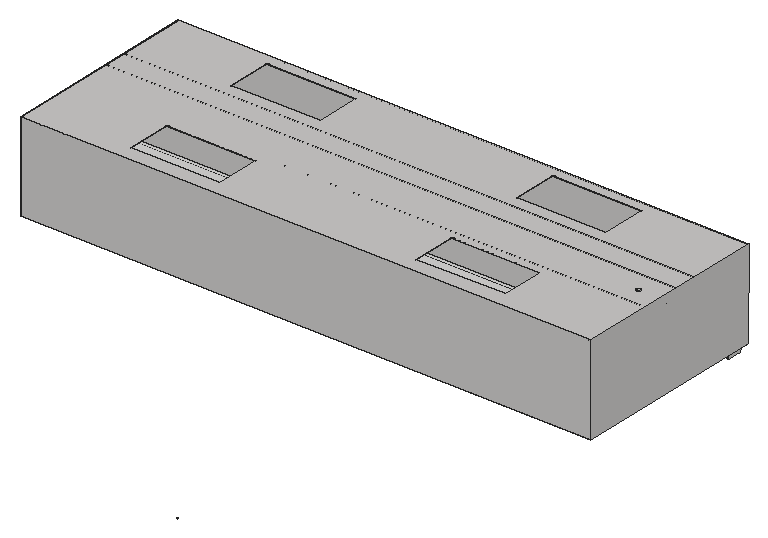
Revit family "QF_ELECTROLUXPROFESSIONAL_641254_STPF1132", category Specialty Equipment, Revit 2014
Reference planes
  plane 1: z = 0
  plane 2 "Center (Left/Right)": x = 150
  plane 3 "LEFT": x = -1450
  plane 4 "RIGHT": x = 1750
  plane 5 "BACK": y = 550
  plane 6 "TOP": z = 2500
  plane 7 "Base": z = 2000
  plane 8: z = 1955
  plane 9 "DrainY": y = 490
  plane 10: x = -1447
  plane 11 "DrainX": x = 1630
  plane 12 "AOLeft2": x = -400
  plane 13 "AORight1": x = 700
  plane 14: x = 1747
  plane 15: x = -1250
  plane 16: x = 1550
  plane 17 "Center (Front/Back)": y = -100
  plane 18 "Front": y = -550
  plane 19 "AOLeft1": x = -900
  plane 20 "AORight2": x = 1200
  plane 21: y = -464
  plane 22: y = -214
  plane 23: y = 240
  plane 24: y = 490
  plane 25 "EI_y": y = -70
  plane 26 "EIx": x = 1630
Forms (mm)
  Extrusion 1, solid, material "QF_Finishes_Stainless Steel"
    sketch origin (-1450, 0, 360) x (0, 1, 0) y (0, 0, 1)
      loop
        line (550, 1640) -> (550, 2140) -> (-550, 2140) -> (-550, 1640) -> (550, 1640)
    from 0 to 3
  Extrusion 2, solid, material "QF_Finishes_Stainless Steel"
    sketch origin (1750, 0, 360) x (0, 1, 0) y (0, 0, 1)
      loop
        line (550, 1640) -> (550, 2140) -> (-550, 2140) -> (-550, 1640) -> (550, 1640)
    from 0 to -3
  Extrusion 3, solid, material "QF_Finishes_Stainless Steel"
    sketch origin (150, 0, 360) x (0, 1, 0) y (0, 0, 1)
      loop
        line (-550, 2140) -> (-550, 1640) -> (-540, 1640) -> (-540, 1640.8) -> (-549.2, 1640.8) -> (-549.2, 2139.19) -> (549.2, 2139.19) -> (549.2, 1640.8) -> (540, 1640.8) -> (540, 1640) -> (550, 1640) -> (550, 2140) -> (-550, 2140)
    from -1600 to 1600
  Extrusion 4, solid, material "QF_Finishes_Stainless Steel"
    sketch origin (0, 0, 2000) x (0, 1, 0) y (-1, 0, 0)
      loop
        circle (490, -1630) r 4.763
    from -30 to 0
  Extrusion 5, void
    sketch origin (0, 0, 2500) x (0, 1, 0) y (-1, 0, 0)
      loop
        line (-214, 400) -> (-214, 900) -> (-464, 900) -> (-464, 400) -> (-214, 400)
    from 0 to -10
  Extrusion 6, solid, material "QF_Finishes_Stainless Steel"
    sketch origin (0, 0, 0) x (1, 0, 0) y (0, 1, 0)
      loop
        line (-1450, 550) -> (-1450, 549) -> (-1449, 549) -> (-1449, 550) -> (-1450, 550)
    from 0 to 1
  Extrusion 7, solid, material "QF_LAMPS"
    sketch origin (150, 0, 360) x (0, 1, 0) y (0, 0, 1)
      loop
        line (-172.823, 1962.324) -> (-18.948, 2086.929) -> (-27.129, 2097.032) -> (-181.003, 1972.426) -> (-172.823, 1962.324)
    from 1597 to -1597
  Sweep 8, solid, material "QF_Finishes_Stainless Steel"
    path origin (0, 0, 0) x (1, 0, 0) y (0, 1, 0)
      loop
        line (1750, 550) -> (-1450, 550) -> (-1450, -550) -> (1750, -550) -> (1750, 550)
    profile origin (1750, 0, 0) x (1, 0, 0) y (0, 0, 1)
      loop
        line (-3, 2000) -> (-3, 2000.8) -> (-19, 2000.8) -> (-19, 2010) -> (-20, 2010) -> (-20, 2000) -> (-3, 2000)
  Extrusion 9, solid, material "QF_Finishes_Stainless Steel"
    sketch origin (150, 0, 0) x (0, 1, 0) y (0, 0, 1)
      loop
        line (414.66, 2095.469) -> (440.643, 2110.471) -> (261.744, 2411.771) -> (235.948, 2396.455) -> (414.66, 2095.469)
    from -1597 to -1400
  Extrusion 10, void
    sketch origin (1134.605, 0, 2500) x (0, 1, 0) y (-1, 0, 0)
      loop
        line (-214, -65.395) -> (-214, 434.605) -> (-464, 434.605) -> (-464, -65.395) -> (-214, -65.395)
    from 0 to -10
  Extrusion 11, solid, material "QF_Finishes_Stainless Steel"
    sketch origin (1630, 0, 0) x (0, 1, 0) y (0, 0, 1)
      loop
        line (539, 2000) -> (441, 2000) -> (441, 1989) -> (448.5, 1989) -> (448.5, 1965)
        arc (448.5, 1965) -> (451.429, 1957.929) -> (458.5, 1955) r 10
        line (458.5, 1955) -> (521.5, 1955)
        arc (521.5, 1955) -> (528.571, 1957.929) -> (531.5, 1965) r 10
        line (531.5, 1965) -> (531.5, 1989) -> (539, 1989) -> (539, 2000)
    from 90 to -90
  Extrusion 12, solid, material "QF_Finishes_Stainless Steel"
    sketch origin (150, 0, 0) x (0, 1, 0) y (0, 0, 1)
      loop
        line (414.66, 2095.469) -> (440.643, 2110.471) -> (261.744, 2411.771) -> (235.948, 2396.455) -> (414.66, 2095.469)
    from 1400 to 1597
  Extrusion 13, solid, material "QF_Finished_Chrome"
    sketch origin (150, 0, 0) x (0, 1, 0) y (0, 0, 1)
      loop
        line (414.66, 2095.469) -> (440.643, 2110.471) -> (261.744, 2411.771) -> (235.948, 2396.455) -> (414.66, 2095.469)
    from -1400 to 1400
  Extrusion 14, void
    sketch origin (0, 1180, 2500) x (0, 1, 0) y (-1, 0, 0)
      loop
        line (-690, 400) -> (-690, 900) -> (-940, 900) -> (-940, 400) -> (-690, 400)
    from 0 to -10
  Extrusion 15, void
    sketch origin (1600, 1180, 2500) x (0, 1, 0) y (-1, 0, 0)
      loop
        line (-690, 400) -> (-690, 900) -> (-940, 900) -> (-940, 400) -> (-690, 400)
    from 0 to -10
  Extrusion 16, solid, material "QF_Finishes_Stainless Steel"
    sketch origin (0, 0, 2500) x (0, 1, 0) y (-1, 0, 0)
      loop
        circle (-70, -1630) r 10
    from 0 to 1.6
  Extrusion 17, solid, material "QF_Finishes_Stainless Steel"
    sketch origin (150, 0, 360) x (0, 1, 0) y (0, 0, 1)
      loop
        line (430.005, 1640) -> (540, 1640) -> (540, 1640.8) -> (430.467, 1640.8) -> (371.906, 1742.23) -> (414.858, 1734.657) -> (442.266, 1750.481) -> (442.266, 1765.943) -> (441.466, 1765.943) -> (441.466, 1750.943) -> (414.709, 1735.495) -> (321.153, 1751.991) -> (320.875, 1750.416) -> (371.4, 1741.507) -> (430.005, 1640)
      loop
        line (172.529, 2139.19) -> (242.893, 2017.316) -> (245.133, 2018.715) -> (240.13, 2027.381) -> (238.569, 2026.405) -> (173.453, 2139.19) -> (172.529, 2139.19)
    from -1597 to 1597
  Extrusion 18, solid, material "QF_Finishes_Stainless Steel"
    sketch origin (150, 200.8, 360) x (0, 1, 0) y (0, 0, 1)
      loop
        line (-750, 2139.19) -> (-750, 1640) -> (-686.602, 1640) -> (-599.146, 1690.493) -> (-610.058, 1709.394) -> (-666.564, 1676.77) -> (-714.704, 1680.982) -> (-749.2, 1730.248) -> (-749.2, 2139.19) -> (-750, 2139.19)
      loop
        line (-373.6, 1961.694) -> (-381.937, 1971.99) -> (-369.095, 1982.182) -> (-369.095, 2139.19) -> (-369.895, 2139.19) -> (-369.895, 1982.569) -> (-682.298, 1734.63) -> (-671.091, 1720.79) -> (-373.6, 1961.694)
      loop
        line (-227.61, 2099.216) -> (-218.171, 2087.559) -> (-154.411, 2139.19) -> (-155.682, 2139.19) -> (-218.052, 2088.684) -> (-226.989, 2099.719) -> (-227.61, 2099.216)
    from -1597 to 1597
  Extrusion 19, solid, material "QF_Finishes_Stainless Steel"
    sketch origin (0, 0, 2500) x (0, 1, 0) y (-1, 0, 0)
      loop
        circle (-70, -1630) r 10
    from 0 to 1.6
Cuts and joins
  Extrusion 5, Extrusion 10, Extrusion 14, Extrusion 15 cuts Extrusion 3
  joined: Extrusion 2, Extrusion 3, Sweep 8
Lines and regions (mm)
  symbolic lines, style "SpecialityEquipment", detail levels coarse
    curve 1: line (1750, 550, 2500) -> (-1450, 550, 2500)
    curve 2: line (-1450, 550, 2500) -> (-1450, -550, 2500)
    curve 3: line (1750, -550, 2500) -> (1750, 550, 2500)
    curve 4: line (-1450, 550, 0) -> (1750, -550, 0)
    curve 5: line (1750, 550, 0) -> (-1450, -550, 0)
    curve 6: line (-1450, -550, 0) -> (1750, -550, 0)
  symbolic lines, detail levels coarse
    curve 7: line (-900, 240, 2500) -> (-400, 240, 2500)
    curve 8: line (-900, 490, 2500) -> (-900, 240, 2500)
    curve 9: line (-400, 490, 2500) -> (-900, 490, 2500)
    curve 10: line (-400, 240, 2500) -> (-400, 490, 2500)
    curve 11: line (700, 490, 2500) -> (700, 240, 2500)
    curve 12: line (1200, 490, 2500) -> (700, 490, 2500)
    curve 13: line (700, 240, 2500) -> (1200, 240, 2500)
    curve 14: line (1200, 240, 2500) -> (1200, 490, 2500)
    curve 15: line (-900, -214, 2500) -> (-400, -214, 2500)
    curve 16: line (-900, -464, 2500) -> (-900, -214, 2500)
    curve 17: line (-400, -464, 2500) -> (-900, -464, 2500)
    curve 18: line (-400, -214, 2500) -> (-400, -464, 2500)
    curve 19: line (700, -214, 2500) -> (1200, -214, 2500)
    curve 20: line (700, -464, 2500) -> (700, -214, 2500)
    curve 21: line (1200, -464, 2500) -> (700, -464, 2500)
    curve 22: line (1200, -214, 2500) -> (1200, -464, 2500)
Dimensions and locks
  plane 3 "LEFT" to plane 4 "RIGHT" = 3200 mm
  equal spacing: plane 3 "LEFT", plane 2 "Center (Left/Right)", plane 4 "RIGHT"
  plane 7 "Base" to plane 8 = 45 mm
  plane 5 "BACK" to plane 9 "DrainY" = 60 mm  (x2)
  plane 3 "LEFT" to plane 10 = 3 mm
  plane 11 "DrainX" to plane 4 "RIGHT" = 120 mm
  plane 14 to plane 4 "RIGHT" = 3 mm
  plane 3 "LEFT" to plane 15 = 200 mm
  plane 16 to plane 4 "RIGHT" = 200 mm
  locked: plane 12 "AOLeft2" to plane 13 "AORight1" at 1100
  equal spacing: plane 12 "AOLeft2", plane 2 "Center (Left/Right)", plane 13 "AORight1"
  locked: plane 7 "Base" to level at 2000
  locked: plane 6 "TOP" to plane 7 "Base" at 500
  locked: plane 19 "AOLeft1" to plane 12 "AOLeft2" at 500
  locked: plane 13 "AORight1" to plane 20 "AORight2" at 500
  locked: plane 22 to plane 21 at 250
  locked: plane 21 to plane 18 "Front" at 86
  locked: plane 24 to plane 23 at 250
  locked: plane 5 "BACK" to plane 24 at 60
  locked: plane 25 "EI_y" to plane 18 "Front" at 480
  locked: plane 26 "EIx" to plane 4 "RIGHT" at 120
  locked: plane 5 "BACK" to plane 18 "Front" at 1100
  plane 5 "BACK" to plane 18 "Front" = 1100 mm
  aligned and locked: level to plane 1
  aligned and locked: plane 4 "RIGHT" to Extrusion 3
  aligned and locked: Extrusion 3 to plane 3 "LEFT"
  aligned and locked: Extrusion 2 to plane 14
  aligned and locked: Extrusion 9 to plane 10
  aligned and locked: Extrusion 5 to plane 19 "AOLeft1"
  aligned and locked: Extrusion 5 to plane 12 "AOLeft2"
  aligned and locked: plane 20 "AORight2" to Extrusion 10
  aligned and locked: plane 13 "AORight1" to Extrusion 10
  aligned and locked: plane 15 to Extrusion 9
  aligned and locked: plane 16 to Extrusion 12
  aligned and locked: plane 14 to Extrusion 12
  aligned and locked: Extrusion 13 to plane 15
  aligned and locked: Extrusion 13 to plane 16
  aligned and locked: plane 14 to Extrusion 7
  aligned and locked: Extrusion 7 to plane 10
  aligned and locked: Extrusion 14 to plane 23
  aligned and locked: plane 24 to Extrusion 14
  aligned and locked: plane 24 to Extrusion 15
  aligned and locked: Extrusion 15 to plane 23
  aligned and locked: plane 13 "AORight1" to Extrusion 15
  aligned and locked: plane 20 "AORight2" to Extrusion 15
  aligned and locked: Extrusion 14 to plane 19 "AOLeft1"
  aligned and locked: Extrusion 14 to plane 12 "AOLeft2"
  aligned and locked: Extrusion 17 to plane 10
  aligned and locked: plane 14 to Extrusion 17
  aligned and locked: Extrusion 5 to plane 21
  aligned and locked: plane 22 to Extrusion 5
  aligned and locked: Extrusion 10 to plane 21
  aligned and locked: Extrusion 18 to plane 10
  aligned and locked: plane 14 to Extrusion 18
Automatic sketch dimensions
  curve 6 to plane 3 "LEFT" = 0 mm
  curve 4 to plane 3 "LEFT" = 0 mm
  curve 5 to plane 4 "RIGHT" = 0 mm
  curve 6 to plane 4 "RIGHT" = 0 mm
  curve 4 to plane 18 "Front" = 0 mm
  curve 4 to plane 5 "BACK" = 0 mm
  curve 5 to plane 5 "BACK" = 0 mm
  Extrusion 1 sketch curve to plane 7 "Base" = 0 mm
  Extrusion 1 sketch curve to plane 18 "Front" = 0 mm
  Extrusion 1 sketch curve to plane 5 "BACK" = 0 mm
  Extrusion 1 sketch curve to plane 6 "TOP" = 0 mm
  Extrusion 2 sketch curve to plane 7 "Base" = 0 mm
  Extrusion 2 sketch curve to plane 18 "Front" = 0 mm
  Extrusion 2 sketch curve to plane 5 "BACK" = 0 mm
  Extrusion 2 sketch curve to plane 6 "TOP" = 0 mm
  Extrusion 3 sketch curve to plane 6 "TOP" = 0 mm
  Extrusion 3 sketch curve to plane 18 "Front" = 0 mm
  Extrusion 3 sketch curve to plane 7 "Base" = 0 mm  (x2)
  Extrusion 3 sketch curve to plane 5 "BACK" = 0 mm
  plane 18 "Front" to Extrusion 3 sketch curve = 0.8 mm
  Extrusion 3 sketch curve to Extrusion 3 sketch curve = 9.2 mm
  plane 7 "Base" to Extrusion 3 sketch curve = 0.8 mm  (x2)
  Extrusion 3 sketch curve to plane 5 "BACK" = 10 mm
  Extrusion 3 sketch curve to plane 5 "BACK" = 0.8 mm
  Extrusion 3 sketch curve to plane 6 "TOP" = 0.81 mm
  Extrusion 4 sketch curve to plane 9 "DrainY" = 0 mm
  Extrusion 4 sketch curve to plane 11 "DrainX" = 0 mm
  Extrusion 5 sketch curve to plane 12 "AOLeft2" = 0 mm
  Extrusion 5 sketch curve to plane 19 "AOLeft1" = 0 mm
  plane 21 to Extrusion 5 sketch curve = 0 mm
  Extrusion 5 sketch curve to plane 25 "EI_y" = 144 mm
  Extrusion 6 sketch curve to plane 3 "LEFT" = 0 mm
  Extrusion 6 sketch curve to plane 5 "BACK" = 0 mm
  plane 3 "LEFT" to Extrusion 6 sketch curve = 1 mm
  Extrusion 6 sketch curve to Extrusion 6 sketch curve = 1 mm
  plane 22 to Extrusion 7 sketch curve = 32.997 mm
  Extrusion 7 sketch curve to Extrusion 7 sketch curve = 8.181 mm  (x2)
  plane 25 "EI_y" to Extrusion 7 sketch curve = 42.871 mm
  Extrusion 7 sketch curve to plane 6 "TOP" = 177.676 mm
  Extrusion 7 sketch curve to Extrusion 7 sketch curve = 10.102 mm
  Extrusion 7 sketch curve to plane 6 "TOP" = 53.071 mm
  Extrusion 7 sketch curve to Extrusion 7 sketch curve = 10.103 mm
  Sweep 8 sketch curve to plane 3 "LEFT" = 0 mm
  Sweep 8 sketch curve to plane 4 "RIGHT" = 0 mm
  Sweep 8 sketch curve to plane 18 "Front" = 0 mm
  Sweep 8 sketch curve to plane 5 "BACK" = 0 mm
  profile plane to Sweep 8 sketch curve = 20 mm
  Sweep 8 sketch curve to Sweep 8 sketch curve = 1 mm
  profile plane to Sweep 8 sketch curve = 3 mm
  level to Sweep 8 sketch curve = 2000 mm
  Sweep 8 sketch curve to Sweep 8 sketch curve = 0.8 mm
  Sweep 8 sketch curve to Sweep 8 sketch curve = 9.2 mm
  Extrusion 9 sketch curve to plane 23 = 4.052 mm
  plane 23 to Extrusion 9 sketch curve = 21.744 mm
  Extrusion 9 sketch curve to plane 9 "DrainY" = 75.34 mm
  Extrusion 9 sketch curve to Extrusion 9 sketch curve = 25.983 mm
  plane 7 "Base" to Extrusion 9 sketch curve = 95.469 mm
  Extrusion 9 sketch curve to Extrusion 9 sketch curve = 15.001 mm
  Extrusion 9 sketch curve to plane 6 "TOP" = 103.545 mm
  Extrusion 9 sketch curve to Extrusion 9 sketch curve = 15.316 mm
  Extrusion 10 sketch curve to plane 20 "AORight2" = 0 mm
  Extrusion 10 sketch curve to plane 13 "AORight1" = 0 mm
  plane 21 to Extrusion 10 sketch curve = 0 mm
  Extrusion 10 sketch curve to plane 25 "EI_y" = 144 mm
  Extrusion 11 sketch curve to plane 8 = 0 mm
  Extrusion 11 sketch curve to plane 7 "Base" = 11 mm  (x2)
  Extrusion 11 sketch curve to plane 9 "DrainY" = 49 mm
  Extrusion 11 sketch curve to Extrusion 11 sketch curve = 7.5 mm  (x2)
  Extrusion 11 sketch curve to Extrusion 11 sketch curve = 10 mm
  Extrusion 11 sketch curve to plane 5 "BACK" = 28.5 mm
  Extrusion 11 sketch curve to plane 5 "BACK" = 18.5 mm
  plane 7 "Base" to Extrusion 11 sketch curve = 0 mm
  Extrusion 12 sketch curve to plane 23 = 4.052 mm
  plane 23 to Extrusion 12 sketch curve = 21.744 mm
  Extrusion 12 sketch curve to plane 9 "DrainY" = 75.34 mm
  Extrusion 12 sketch curve to Extrusion 12 sketch curve = 25.983 mm
  plane 7 "Base" to Extrusion 12 sketch curve = 95.469 mm
  Extrusion 12 sketch curve to Extrusion 12 sketch curve = 15.001 mm
  Extrusion 12 sketch curve to plane 6 "TOP" = 103.545 mm
  Extrusion 12 sketch curve to Extrusion 12 sketch curve = 15.316 mm
  Extrusion 13 sketch curve to plane 23 = 4.052 mm
  plane 23 to Extrusion 13 sketch curve = 21.744 mm
  Extrusion 13 sketch curve to plane 9 "DrainY" = 75.34 mm
  Extrusion 13 sketch curve to Extrusion 13 sketch curve = 25.983 mm
  plane 7 "Base" to Extrusion 13 sketch curve = 95.469 mm
  Extrusion 13 sketch curve to Extrusion 13 sketch curve = 15.001 mm
  Extrusion 13 sketch curve to plane 6 "TOP" = 103.545 mm
  Extrusion 13 sketch curve to Extrusion 13 sketch curve = 15.316 mm
  Extrusion 14 sketch curve to plane 12 "AOLeft2" = 0 mm
  Extrusion 14 sketch curve to plane 23 = 0 mm
  Extrusion 14 sketch curve to plane 9 "DrainY" = 0 mm
  Extrusion 14 sketch curve to plane 19 "AOLeft1" = 0 mm
  Extrusion 15 sketch curve to plane 20 "AORight2" = 0 mm
  Extrusion 15 sketch curve to plane 23 = 0 mm
  Extrusion 15 sketch curve to plane 9 "DrainY" = 0 mm
  Extrusion 15 sketch curve to plane 13 "AORight1" = 0 mm
  Extrusion 16 sketch curve to plane 25 "EI_y" = 0 mm
  Extrusion 16 sketch curve to plane 26 "EIx" = 0 mm
  Extrusion 17 sketch curve to plane 7 "Base" = 0 mm
  Extrusion 17 sketch curve to plane 6 "TOP" = 0.81 mm
  Extrusion 17 sketch curve to plane 23 = 67.471 mm
  Extrusion 17 sketch curve to Extrusion 17 sketch curve = 0.924 mm
  Extrusion 17 sketch curve to plane 23 = 1.431 mm
  plane 23 to Extrusion 17 sketch curve = 0.13 mm
  plane 23 to Extrusion 17 sketch curve = 2.893 mm
  Extrusion 17 sketch curve to Extrusion 17 sketch curve = 2.24 mm
  plane 23 to Extrusion 17 sketch curve = 80.875 mm
  Extrusion 17 sketch curve to Extrusion 17 sketch curve = 0.278 mm
  Extrusion 17 sketch curve to Extrusion 17 sketch curve = 50.525 mm
  Extrusion 17 sketch curve to Extrusion 17 sketch curve = 0.506 mm
  Extrusion 17 sketch curve to Extrusion 17 sketch curve = 42.803 mm
  Extrusion 17 sketch curve to Extrusion 17 sketch curve = 0.148 mm
  Extrusion 17 sketch curve to plane 9 "DrainY" = 59.995 mm
  plane 7 "Base" to Extrusion 17 sketch curve = 0.8 mm
  Extrusion 17 sketch curve to Extrusion 17 sketch curve = 0.462 mm  (x2)
  Extrusion 17 sketch curve to Extrusion 17 sketch curve = 109.533 mm
  Extrusion 17 sketch curve to Extrusion 17 sketch curve = 26.757 mm
  Extrusion 17 sketch curve to Extrusion 17 sketch curve = 0.8 mm
  plane 7 "Base" to Extrusion 17 sketch curve = 94.657 mm
  Extrusion 17 sketch curve to Extrusion 17 sketch curve = 0.838 mm
  Extrusion 17 sketch curve to Extrusion 17 sketch curve = 6.012 mm
  Extrusion 17 sketch curve to Extrusion 17 sketch curve = 0.723 mm
  Extrusion 17 sketch curve to Extrusion 17 sketch curve = 14.986 mm
  Extrusion 17 sketch curve to Extrusion 17 sketch curve = 15 mm
  Extrusion 17 sketch curve to plane 6 "TOP" = 122.684 mm
  Extrusion 17 sketch curve to Extrusion 17 sketch curve = 1.399 mm
  Extrusion 17 sketch curve to Extrusion 17 sketch curve = 9.089 mm
  Extrusion 17 sketch curve to Extrusion 17 sketch curve = 0.975 mm
  Extrusion 18 sketch curve to plane 7 "Base" = 0 mm
  Extrusion 18 sketch curve to Extrusion 18 sketch curve = 0.8 mm  (x2)
  plane 7 "Base" to Extrusion 18 sketch curve = 40.982 mm
  Extrusion 18 sketch curve to Extrusion 18 sketch curve = 35.296 mm
  Extrusion 18 sketch curve to Extrusion 18 sketch curve = 28.102 mm
  plane 7 "Base" to Extrusion 18 sketch curve = 94.63 mm
  Extrusion 18 sketch curve to Extrusion 18 sketch curve = 32.405 mm
  plane 7 "Base" to Extrusion 18 sketch curve = 80.79 mm
  Extrusion 18 sketch curve to Extrusion 18 sketch curve = 11.207 mm
  plane 7 "Base" to Extrusion 18 sketch curve = 36.77 mm
  Extrusion 18 sketch curve to Extrusion 18 sketch curve = 20.038 mm
  plane 7 "Base" to Extrusion 18 sketch curve = 69.394 mm
  Extrusion 18 sketch curve to Extrusion 18 sketch curve = 61.033 mm
  plane 7 "Base" to Extrusion 18 sketch curve = 50.493 mm
  Extrusion 18 sketch curve to Extrusion 18 sketch curve = 10.912 mm
  Extrusion 18 sketch curve to plane 6 "TOP" = 168.01 mm
  Extrusion 18 sketch curve to Extrusion 18 sketch curve = 228.121 mm
  Extrusion 18 sketch curve to plane 6 "TOP" = 178.306 mm
  Extrusion 18 sketch curve to Extrusion 18 sketch curve = 8.337 mm
  Extrusion 18 sketch curve to plane 6 "TOP" = 157.431 mm
  Extrusion 18 sketch curve to Extrusion 18 sketch curve = 12.042 mm
  Extrusion 18 sketch curve to plane 6 "TOP" = 157.818 mm
  Extrusion 18 sketch curve to plane 6 "TOP" = 40.784 mm
  Extrusion 18 sketch curve to Extrusion 18 sketch curve = 141.485 mm
  Extrusion 18 sketch curve to plane 6 "TOP" = 40.281 mm
  Extrusion 18 sketch curve to Extrusion 18 sketch curve = 0.622 mm
  Extrusion 18 sketch curve to plane 6 "TOP" = 52.441 mm
  Extrusion 18 sketch curve to plane 6 "TOP" = 51.316 mm
  Extrusion 18 sketch curve to plane 6 "TOP" = 0.81 mm  (x3)
  Extrusion 18 sketch curve to Extrusion 18 sketch curve = 62.37 mm
  Extrusion 18 sketch curve to Extrusion 18 sketch curve = 1.271 mm
  Extrusion 18 sketch curve to Extrusion 18 sketch curve = 49.266 mm
  Extrusion 19 sketch curve to plane 25 "EI_y" = 0 mm
  Extrusion 19 sketch curve to plane 26 "EIx" = 0 mm
  plane 18 "Front" to Extrusion 18 sketch curve = 0.8 mm
  curve 2 to plane 3 "LEFT" = 0 mm
  curve 2 to plane 18 "Front" = 0 mm
  curve 3 to plane 4 "RIGHT" = 0 mm
  curve 3 to plane 18 "Front" = 0 mm
  curve 21 to plane 13 "AORight1" = 0 mm
  curve 21 to plane 21 = 0 mm
  curve 18 to plane 12 "AOLeft2" = 0 mm
  curve 18 to plane 21 = 0 mm
  curve 19 to plane 20 "AORight2" = 0 mm
  curve 19 to plane 22 = 0 mm
  curve 15 to plane 22 = 0 mm
  curve 13 to plane 13 "AORight1" = 0 mm
  curve 13 to plane 23 = 0 mm
  curve 10 to plane 12 "AOLeft2" = 0 mm
  curve 10 to plane 23 = 0 mm
  curve 14 to plane 9 "DrainY" = 0 mm
  curve 10 to plane 9 "DrainY" = 0 mm
  curve 2 to plane 5 "BACK" = 0 mm
  curve 14 to plane 20 "AORight2" = 0 mm
  curve 17 to plane 19 "AOLeft1" = 0 mm
  curve 7 to plane 19 "AOLeft1" = 0 mm
  radius of Extrusion 4 sketch curve = 4.763 mm
  radius of Extrusion 16 sketch curve = 10 mm
  radius of Extrusion 19 sketch curve = 10 mm
Connectors
  piping at (1630, 490, 1970), diameter 9.5
    settings: on Extrusion 4, index 1, connector inside diameter 609.6 mm, connector length 0 mm, flow factor 0, pipe flow 0.0 L/s, pressure drop 0.0 Pa, fitting loss kfactor 0, connector angle 0.00°, fixture units 0, engagement length 0 mm, angle of deflection 0.00°, flow configuration 1, flow direction 2, fitting loss method 0, system type 16, joint type 0, gender type 0, connector reference index -1, connector utility 0, adjustable connector no, is connector primary yes, connector description "Drain"
  hvac at (-650, -339, 2500)
    settings: on Extrusion 5, index 2, duct flow 0.0 L/s, flow factor 0, pres drop 0.0 Pa, loss coef 0, conn angle 0.00°, conn width 250 mm, conn height 500 mm, conn diameter 609.6 mm, duct sys type 1, conn prof type 1, flow config 1, flow direction 1, loss method 0, conn ref index -1, conn util no, is conn primary yes, conn desc "AIR INLET"
  hvac at (950, -339, 2500)
    settings: on Extrusion 10, index 3, duct flow 0.0 L/s, flow factor 0, pres drop 0.0 Pa, loss coef 0, conn angle 0.00°, conn width 250 mm, conn height 500 mm, conn diameter 609.6 mm, duct sys type 1, conn prof type 1, flow config 1, flow direction 1, loss method 0, conn ref index -1, conn util no, is conn primary no, conn desc "AIR INLET"
  hvac at (-650, 365, 2500)
    settings: on Extrusion 14, index 4, duct flow 0.0 L/s, flow factor 0, pres drop 0.0 Pa, loss coef 0, conn angle 0.00°, conn width 250 mm, conn height 500 mm, conn diameter 609.6 mm, duct sys type 3, conn prof type 1, flow config 1, flow direction 2, loss method 0, conn ref index -1, conn util no, is conn primary no, conn desc "EXHAUST OUTLET"
  hvac at (950, 365, 2500)
    settings: on Extrusion 15, index 5, duct flow 0.0 L/s, flow factor 0, pres drop 0.0 Pa, loss coef 0, conn angle 0.00°, conn width 250 mm, conn height 500 mm, conn diameter 609.6 mm, duct sys type 3, conn prof type 1, flow config 1, flow direction 2, loss method 0, conn ref index -1, conn util no, is conn primary no, conn desc "EXHAUST OUTLET"
  electrical at (1630, -70, 2501.6)
    settings: on Extrusion 16, index 6, voltage 0 V, apparent load 0 VA, apparent load phase1 0 VA, apparent load phase2 0 VA, apparent load phase3 0 VA, power factor 1, load classification "Other", number of poles 1, system type 30, power factor state 1, is connector primary yes, connector utility no, sub classification motor no, connector description "Electrical Connection"
  electrical at (1630, -70, 2501.6)
    settings: on Extrusion 19, index 12, voltage 0 V, apparent load 0 VA, apparent load phase1 0 VA, apparent load phase2 0 VA, apparent load phase3 0 VA, power factor 1, load classification "Other", number of poles 1, system type 30, power factor state 1, is connector primary no, connector utility no, sub classification motor no, connector description ""
